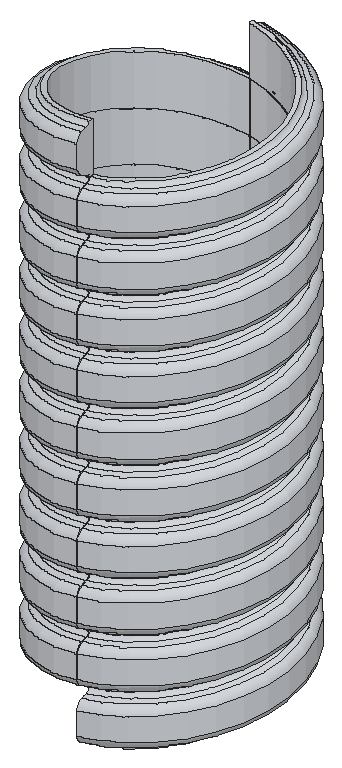
Revit family "110611-00014 Муфта соединительная резьбовая ССД-Пайп 63 мм", category Обобщенные модели, Revit 2019
Family settings
  Может служить основой для арматурных стержней = Нет
  Размер круглого соединителя = Использовать диаметр
  Тип детали = Нормальный
  На основе рабочей плоскости = Нет
  Всегда вертикально = Да
  При загрузке вырезать с полостями = Нет
  Общий = Нет
  Точка расчета площади = Нет
Parameters (values of type "Муфта соединительная резьбовая ССД-Пайп 63 мм")
  Сертификат соответствия = "https://www.ssd.ru/upload/iblock/135/dg0dveb2bt5742u03x0awkefi1rhom8y/ssoot_1302705.pdf"
  Материал = "ПНД"
  Масса бухты, кг = "0,07"
  Тип соединения = "Резьбовое"
  ADSK_Ссылка на сайт = "https://www.ssd.ru/mufta-soedinitelnaya-rezbovaya-ssd-payp-63-mm"
  ADSK_Наименование = "Муфта соединительная резьбовая ССД-Пайп 63 мм"
  ADSK_Марка = "ССД-Пайп"
  ADSK_Код изделия = "110611-00014"
  ADSK_Изготовитель = "АО \"СВЯЗЬСТРОЙДЕТАЛЬ\""
  ADSK_Диаметр наружный = 70 mm
  ADSK_Диаметр внутренний = 57.8 mm
Reference planes
  plane 1 "По центру (Вперед/Назад)": y = 0
  plane 2: z = 0
  plane 3 "По центру (Влево/Вправо)": x = 0
  plane 4: x = -35
  plane 5: x = 35
  plane 6: y = 35
  plane 7: y = -35
  plane 8: x = -28.9
  plane 9: x = 28.9
  plane 10: y = 28.9
  plane 11: y = -28.9
Forms (mm)
  SweptBlend 1, solid
    path origin (0, 0, -103.095) x (0, 1, 0) y (-1, 0, 0)
      loop
        arc (25.5, 0) -> (0, 25.5) -> (-25.5, 0) r 25.5
    profile origin (0, 25.5, -103.095) x (0, -1, 0) y (0, 0, 1)
      loop
        line (-5.827, 43.205) -> (-7.502, 42.595)
        arc (-7.502, 42.595) -> (-8.769, 41.748) -> (-9.5, 40.412) r 3.2
        line (-9.5, 40.412) -> (-9.5, 33.442)
        arc (-9.5, 33.442) -> (-8.769, 32.105) -> (-7.502, 31.259) r 3.2
        line (-7.502, 31.259) -> (-5.827, 30.649)
        arc (-5.827, 30.649) -> (-5.117, 30.175) -> (-4.705, 29.427) r 1.8
        line (-4.705, 29.427) -> (-3.4, 29.427) -> (-3.4, 44.427) -> (-4.705, 44.427)
        arc (-4.705, 44.427) -> (-5.117, 43.679) -> (-5.827, 43.205) r 1.8
    end profile origin (0, -25.5, -103.095) x (0, 1, 0) y (0, 0, 1)
      loop
        line (-5.827, 58.205) -> (-7.502, 57.595)
        arc (-7.502, 57.595) -> (-8.769, 56.748) -> (-9.5, 55.412) r 3.2
        line (-9.5, 55.412) -> (-9.5, 48.442)
        arc (-9.5, 48.442) -> (-8.769, 47.105) -> (-7.502, 46.259) r 3.2
        line (-7.502, 46.259) -> (-5.827, 45.649)
        arc (-5.827, 45.649) -> (-5.117, 45.175) -> (-4.705, 44.427) r 1.8
        line (-4.705, 44.427) -> (-3.4, 44.427) -> (-3.4, 59.427) -> (-4.705, 59.427)
        arc (-4.705, 59.427) -> (-5.117, 58.679) -> (-5.827, 58.205) r 1.8
  SweptBlend 2, solid
    path origin (0, 0, -103.095) x (0, -1, 0) y (1, 0, 0)
      loop
        arc (25.5, 0) -> (0, 25.5) -> (-25.5, 0) r 25.5
    profile origin (0, -25.5, -103.095) x (0, 1, 0) y (0, 0, 1)
      loop
        line (-5.827, 43.205) -> (-7.502, 42.595)
        arc (-7.502, 42.595) -> (-8.769, 41.748) -> (-9.5, 40.412) r 3.2
        line (-9.5, 40.412) -> (-9.5, 33.442)
        arc (-9.5, 33.442) -> (-8.769, 32.105) -> (-7.502, 31.259) r 3.2
        line (-7.502, 31.259) -> (-5.827, 30.649)
        arc (-5.827, 30.649) -> (-5.117, 30.175) -> (-4.705, 29.427) r 1.8
        line (-4.705, 29.427) -> (-3.4, 29.427) -> (-3.4, 44.427) -> (-4.705, 44.427)
        arc (-4.705, 44.427) -> (-5.117, 43.679) -> (-5.827, 43.205) r 1.8
    end profile origin (0, 25.5, -103.095) x (0, -1, 0) y (0, 0, 1)
      loop
        line (-5.827, 58.205) -> (-7.502, 57.595)
        arc (-7.502, 57.595) -> (-8.769, 56.748) -> (-9.5, 55.412) r 3.2
        line (-9.5, 55.412) -> (-9.5, 48.442)
        arc (-9.5, 48.442) -> (-8.769, 47.105) -> (-7.502, 46.259) r 3.2
        line (-7.502, 46.259) -> (-5.827, 45.649)
        arc (-5.827, 45.649) -> (-5.117, 45.175) -> (-4.705, 44.427) r 1.8
        line (-4.705, 44.427) -> (-3.4, 44.427) -> (-3.4, 59.427) -> (-4.705, 59.427)
        arc (-4.705, 59.427) -> (-5.117, 58.679) -> (-5.827, 58.205) r 1.8
  SweptBlend 3, solid, not visible
    path origin (0, 0, 63.929) x (0, 1, 0) y (-1, 0, 0)
      loop
        arc (25.5, 0) -> (0, 25.5) -> (-25.5, 0) r 25.5
    profile origin (0, 25.5, 63.929) x (0, -1, 0) y (0, 0, 1)
      loop
        line (-5.827, 43.205) -> (-7.502, 42.595)
        arc (-7.502, 42.595) -> (-8.769, 41.748) -> (-9.5, 40.412) r 3.2
        line (-9.5, 40.412) -> (-9.5, 33.442)
        arc (-9.5, 33.442) -> (-8.769, 32.105) -> (-7.502, 31.259) r 3.2
        line (-7.502, 31.259) -> (-5.827, 30.649)
        arc (-5.827, 30.649) -> (-5.117, 30.175) -> (-4.705, 29.427) r 1.8
        line (-4.705, 29.427) -> (-3.4, 29.427) -> (-3.4, 44.427) -> (-4.705, 44.427)
        arc (-4.705, 44.427) -> (-5.117, 43.679) -> (-5.827, 43.205) r 1.8
    end profile origin (0, -25.5, 63.929) x (0, 1, 0) y (0, 0, 1)
      loop
        line (-5.827, 58.205) -> (-7.502, 57.595)
        arc (-7.502, 57.595) -> (-8.769, 56.748) -> (-9.5, 55.412) r 3.2
        line (-9.5, 55.412) -> (-9.5, 48.442)
        arc (-9.5, 48.442) -> (-8.769, 47.105) -> (-7.502, 46.259) r 3.2
        line (-7.502, 46.259) -> (-5.827, 45.649)
        arc (-5.827, 45.649) -> (-5.117, 45.175) -> (-4.705, 44.427) r 1.8
        line (-4.705, 44.427) -> (-3.4, 44.427) -> (-3.4, 59.427) -> (-4.705, 59.427)
        arc (-4.705, 59.427) -> (-5.117, 58.679) -> (-5.827, 58.205) r 1.8
  SweptBlend 4, solid, not visible
    path origin (0, 0, 63.929) x (0, -1, 0) y (1, 0, 0)
      loop
        arc (25.5, 0) -> (0, 25.5) -> (-25.5, 0) r 25.5
    profile origin (0, -25.5, 63.929) x (0, 1, 0) y (0, 0, 1)
      loop
        line (-5.827, 43.205) -> (-7.502, 42.595)
        arc (-7.502, 42.595) -> (-8.769, 41.748) -> (-9.5, 40.412) r 3.2
        line (-9.5, 40.412) -> (-9.5, 33.442)
        arc (-9.5, 33.442) -> (-8.769, 32.105) -> (-7.502, 31.259) r 3.2
        line (-7.502, 31.259) -> (-5.827, 30.649)
        arc (-5.827, 30.649) -> (-5.117, 30.175) -> (-4.705, 29.427) r 1.8
        line (-4.705, 29.427) -> (-3.4, 29.427) -> (-3.4, 44.427) -> (-4.705, 44.427)
        arc (-4.705, 44.427) -> (-5.117, 43.679) -> (-5.827, 43.205) r 1.8
    end profile origin (0, 25.5, 63.929) x (0, -1, 0) y (0, 0, 1)
      loop
        line (-5.827, 58.205) -> (-7.502, 57.595)
        arc (-7.502, 57.595) -> (-8.769, 56.748) -> (-9.5, 55.412) r 3.2
        line (-9.5, 55.412) -> (-9.5, 48.442)
        arc (-9.5, 48.442) -> (-8.769, 47.105) -> (-7.502, 46.259) r 3.2
        line (-7.502, 46.259) -> (-5.827, 45.649)
        arc (-5.827, 45.649) -> (-5.117, 45.175) -> (-4.705, 44.427) r 1.8
        line (-4.705, 44.427) -> (-3.4, 44.427) -> (-3.4, 59.427) -> (-4.705, 59.427)
        arc (-4.705, 59.427) -> (-5.117, 58.679) -> (-5.827, 58.205) r 1.8
  SweptBlend 5, solid
    path origin (0, 0, -88.095) x (0, 1, 0) y (-1, 0, 0)
      loop
        arc (25.5, 0) -> (0, 25.5) -> (-25.5, 0) r 25.5
    profile origin (0, 25.5, -88.095) x (0, -1, 0) y (0, 0, 1)
      loop
        line (-5.827, 43.205) -> (-7.502, 42.595)
        arc (-7.502, 42.595) -> (-8.769, 41.748) -> (-9.5, 40.412) r 3.2
        line (-9.5, 40.412) -> (-9.5, 33.442)
        arc (-9.5, 33.442) -> (-8.769, 32.105) -> (-7.502, 31.259) r 3.2
        line (-7.502, 31.259) -> (-5.827, 30.649)
        arc (-5.827, 30.649) -> (-5.117, 30.175) -> (-4.705, 29.427) r 1.8
        line (-4.705, 29.427) -> (-3.4, 29.427) -> (-3.4, 44.427) -> (-4.705, 44.427)
        arc (-4.705, 44.427) -> (-5.117, 43.679) -> (-5.827, 43.205) r 1.8
    end profile origin (0, -25.5, -88.095) x (0, 1, 0) y (0, 0, 1)
      loop
        line (-5.827, 58.205) -> (-7.502, 57.595)
        arc (-7.502, 57.595) -> (-8.769, 56.748) -> (-9.5, 55.412) r 3.2
        line (-9.5, 55.412) -> (-9.5, 48.442)
        arc (-9.5, 48.442) -> (-8.769, 47.105) -> (-7.502, 46.259) r 3.2
        line (-7.502, 46.259) -> (-5.827, 45.649)
        arc (-5.827, 45.649) -> (-5.117, 45.175) -> (-4.705, 44.427) r 1.8
        line (-4.705, 44.427) -> (-3.4, 44.427) -> (-3.4, 59.427) -> (-4.705, 59.427)
        arc (-4.705, 59.427) -> (-5.117, 58.679) -> (-5.827, 58.205) r 1.8
  SweptBlend 6, solid
    path origin (0, 0, -88.095) x (0, -1, 0) y (1, 0, 0)
      loop
        arc (25.5, 0) -> (0, 25.5) -> (-25.5, 0) r 25.5
    profile origin (0, -25.5, -88.095) x (0, 1, 0) y (0, 0, 1)
      loop
        line (-5.827, 43.205) -> (-7.502, 42.595)
        arc (-7.502, 42.595) -> (-8.769, 41.748) -> (-9.5, 40.412) r 3.2
        line (-9.5, 40.412) -> (-9.5, 33.442)
        arc (-9.5, 33.442) -> (-8.769, 32.105) -> (-7.502, 31.259) r 3.2
        line (-7.502, 31.259) -> (-5.827, 30.649)
        arc (-5.827, 30.649) -> (-5.117, 30.175) -> (-4.705, 29.427) r 1.8
        line (-4.705, 29.427) -> (-3.4, 29.427) -> (-3.4, 44.427) -> (-4.705, 44.427)
        arc (-4.705, 44.427) -> (-5.117, 43.679) -> (-5.827, 43.205) r 1.8
    end profile origin (0, 25.5, -88.095) x (0, -1, 0) y (0, 0, 1)
      loop
        line (-5.827, 58.205) -> (-7.502, 57.595)
        arc (-7.502, 57.595) -> (-8.769, 56.748) -> (-9.5, 55.412) r 3.2
        line (-9.5, 55.412) -> (-9.5, 48.442)
        arc (-9.5, 48.442) -> (-8.769, 47.105) -> (-7.502, 46.259) r 3.2
        line (-7.502, 46.259) -> (-5.827, 45.649)
        arc (-5.827, 45.649) -> (-5.117, 45.175) -> (-4.705, 44.427) r 1.8
        line (-4.705, 44.427) -> (-3.4, 44.427) -> (-3.4, 59.427) -> (-4.705, 59.427)
        arc (-4.705, 59.427) -> (-5.117, 58.679) -> (-5.827, 58.205) r 1.8
  SweptBlend 7, solid
    path origin (0, 0, -73.095) x (0, 1, 0) y (-1, 0, 0)
      loop
        arc (25.5, 0) -> (0, 25.5) -> (-25.5, 0) r 25.5
    profile origin (0, 25.5, -73.095) x (0, -1, 0) y (0, 0, 1)
      loop
        line (-5.827, 43.205) -> (-7.502, 42.595)
        arc (-7.502, 42.595) -> (-8.769, 41.748) -> (-9.5, 40.412) r 3.2
        line (-9.5, 40.412) -> (-9.5, 33.442)
        arc (-9.5, 33.442) -> (-8.769, 32.105) -> (-7.502, 31.259) r 3.2
        line (-7.502, 31.259) -> (-5.827, 30.649)
        arc (-5.827, 30.649) -> (-5.117, 30.175) -> (-4.705, 29.427) r 1.8
        line (-4.705, 29.427) -> (-3.4, 29.427) -> (-3.4, 44.427) -> (-4.705, 44.427)
        arc (-4.705, 44.427) -> (-5.117, 43.679) -> (-5.827, 43.205) r 1.8
    end profile origin (0, -25.5, -73.095) x (0, 1, 0) y (0, 0, 1)
      loop
        line (-5.827, 58.205) -> (-7.502, 57.595)
        arc (-7.502, 57.595) -> (-8.769, 56.748) -> (-9.5, 55.412) r 3.2
        line (-9.5, 55.412) -> (-9.5, 48.442)
        arc (-9.5, 48.442) -> (-8.769, 47.105) -> (-7.502, 46.259) r 3.2
        line (-7.502, 46.259) -> (-5.827, 45.649)
        arc (-5.827, 45.649) -> (-5.117, 45.175) -> (-4.705, 44.427) r 1.8
        line (-4.705, 44.427) -> (-3.4, 44.427) -> (-3.4, 59.427) -> (-4.705, 59.427)
        arc (-4.705, 59.427) -> (-5.117, 58.679) -> (-5.827, 58.205) r 1.8
  SweptBlend 8, solid
    path origin (0, 0, -73.095) x (0, -1, 0) y (1, 0, 0)
      loop
        arc (25.5, 0) -> (0, 25.5) -> (-25.5, 0) r 25.5
    profile origin (0, -25.5, -73.095) x (0, 1, 0) y (0, 0, 1)
      loop
        line (-5.827, 43.205) -> (-7.502, 42.595)
        arc (-7.502, 42.595) -> (-8.769, 41.748) -> (-9.5, 40.412) r 3.2
        line (-9.5, 40.412) -> (-9.5, 33.442)
        arc (-9.5, 33.442) -> (-8.769, 32.105) -> (-7.502, 31.259) r 3.2
        line (-7.502, 31.259) -> (-5.827, 30.649)
        arc (-5.827, 30.649) -> (-5.117, 30.175) -> (-4.705, 29.427) r 1.8
        line (-4.705, 29.427) -> (-3.4, 29.427) -> (-3.4, 44.427) -> (-4.705, 44.427)
        arc (-4.705, 44.427) -> (-5.117, 43.679) -> (-5.827, 43.205) r 1.8
    end profile origin (0, 25.5, -73.095) x (0, -1, 0) y (0, 0, 1)
      loop
        line (-5.827, 58.205) -> (-7.502, 57.595)
        arc (-7.502, 57.595) -> (-8.769, 56.748) -> (-9.5, 55.412) r 3.2
        line (-9.5, 55.412) -> (-9.5, 48.442)
        arc (-9.5, 48.442) -> (-8.769, 47.105) -> (-7.502, 46.259) r 3.2
        line (-7.502, 46.259) -> (-5.827, 45.649)
        arc (-5.827, 45.649) -> (-5.117, 45.175) -> (-4.705, 44.427) r 1.8
        line (-4.705, 44.427) -> (-3.4, 44.427) -> (-3.4, 59.427) -> (-4.705, 59.427)
        arc (-4.705, 59.427) -> (-5.117, 58.679) -> (-5.827, 58.205) r 1.8
  SweptBlend 9, solid
    path origin (0, 0, -58.095) x (0, 1, 0) y (-1, 0, 0)
      loop
        arc (25.5, 0) -> (0, 25.5) -> (-25.5, 0) r 25.5
    profile origin (0, 25.5, -58.095) x (0, -1, 0) y (0, 0, 1)
      loop
        line (-5.827, 43.205) -> (-7.502, 42.595)
        arc (-7.502, 42.595) -> (-8.769, 41.748) -> (-9.5, 40.412) r 3.2
        line (-9.5, 40.412) -> (-9.5, 33.442)
        arc (-9.5, 33.442) -> (-8.769, 32.105) -> (-7.502, 31.259) r 3.2
        line (-7.502, 31.259) -> (-5.827, 30.649)
        arc (-5.827, 30.649) -> (-5.117, 30.175) -> (-4.705, 29.427) r 1.8
        line (-4.705, 29.427) -> (-3.4, 29.427) -> (-3.4, 44.427) -> (-4.705, 44.427)
        arc (-4.705, 44.427) -> (-5.117, 43.679) -> (-5.827, 43.205) r 1.8
    end profile origin (0, -25.5, -58.095) x (0, 1, 0) y (0, 0, 1)
      loop
        line (-5.827, 58.205) -> (-7.502, 57.595)
        arc (-7.502, 57.595) -> (-8.769, 56.748) -> (-9.5, 55.412) r 3.2
        line (-9.5, 55.412) -> (-9.5, 48.442)
        arc (-9.5, 48.442) -> (-8.769, 47.105) -> (-7.502, 46.259) r 3.2
        line (-7.502, 46.259) -> (-5.827, 45.649)
        arc (-5.827, 45.649) -> (-5.117, 45.175) -> (-4.705, 44.427) r 1.8
        line (-4.705, 44.427) -> (-3.4, 44.427) -> (-3.4, 59.427) -> (-4.705, 59.427)
        arc (-4.705, 59.427) -> (-5.117, 58.679) -> (-5.827, 58.205) r 1.8
  SweptBlend 10, solid
    path origin (0, 0, -58.095) x (0, -1, 0) y (1, 0, 0)
      loop
        arc (25.5, 0) -> (0, 25.5) -> (-25.5, 0) r 25.5
    profile origin (0, -25.5, -58.095) x (0, 1, 0) y (0, 0, 1)
      loop
        line (-5.827, 43.205) -> (-7.502, 42.595)
        arc (-7.502, 42.595) -> (-8.769, 41.748) -> (-9.5, 40.412) r 3.2
        line (-9.5, 40.412) -> (-9.5, 33.442)
        arc (-9.5, 33.442) -> (-8.769, 32.105) -> (-7.502, 31.259) r 3.2
        line (-7.502, 31.259) -> (-5.827, 30.649)
        arc (-5.827, 30.649) -> (-5.117, 30.175) -> (-4.705, 29.427) r 1.8
        line (-4.705, 29.427) -> (-3.4, 29.427) -> (-3.4, 44.427) -> (-4.705, 44.427)
        arc (-4.705, 44.427) -> (-5.117, 43.679) -> (-5.827, 43.205) r 1.8
    end profile origin (0, 25.5, -58.095) x (0, -1, 0) y (0, 0, 1)
      loop
        line (-5.827, 58.205) -> (-7.502, 57.595)
        arc (-7.502, 57.595) -> (-8.769, 56.748) -> (-9.5, 55.412) r 3.2
        line (-9.5, 55.412) -> (-9.5, 48.442)
        arc (-9.5, 48.442) -> (-8.769, 47.105) -> (-7.502, 46.259) r 3.2
        line (-7.502, 46.259) -> (-5.827, 45.649)
        arc (-5.827, 45.649) -> (-5.117, 45.175) -> (-4.705, 44.427) r 1.8
        line (-4.705, 44.427) -> (-3.4, 44.427) -> (-3.4, 59.427) -> (-4.705, 59.427)
        arc (-4.705, 59.427) -> (-5.117, 58.679) -> (-5.827, 58.205) r 1.8
  SweptBlend 11, solid
    path origin (0, 0, -43.095) x (0, 1, 0) y (-1, 0, 0)
      loop
        arc (25.5, 0) -> (0, 25.5) -> (-25.5, 0) r 25.5
    profile origin (0, 25.5, -43.095) x (0, -1, 0) y (0, 0, 1)
      loop
        line (-5.827, 43.205) -> (-7.502, 42.595)
        arc (-7.502, 42.595) -> (-8.769, 41.748) -> (-9.5, 40.412) r 3.2
        line (-9.5, 40.412) -> (-9.5, 33.442)
        arc (-9.5, 33.442) -> (-8.769, 32.105) -> (-7.502, 31.259) r 3.2
        line (-7.502, 31.259) -> (-5.827, 30.649)
        arc (-5.827, 30.649) -> (-5.117, 30.175) -> (-4.705, 29.427) r 1.8
        line (-4.705, 29.427) -> (-3.4, 29.427) -> (-3.4, 44.427) -> (-4.705, 44.427)
        arc (-4.705, 44.427) -> (-5.117, 43.679) -> (-5.827, 43.205) r 1.8
    end profile origin (0, -25.5, -43.095) x (0, 1, 0) y (0, 0, 1)
      loop
        line (-5.827, 58.205) -> (-7.502, 57.595)
        arc (-7.502, 57.595) -> (-8.769, 56.748) -> (-9.5, 55.412) r 3.2
        line (-9.5, 55.412) -> (-9.5, 48.442)
        arc (-9.5, 48.442) -> (-8.769, 47.105) -> (-7.502, 46.259) r 3.2
        line (-7.502, 46.259) -> (-5.827, 45.649)
        arc (-5.827, 45.649) -> (-5.117, 45.175) -> (-4.705, 44.427) r 1.8
        line (-4.705, 44.427) -> (-3.4, 44.427) -> (-3.4, 59.427) -> (-4.705, 59.427)
        arc (-4.705, 59.427) -> (-5.117, 58.679) -> (-5.827, 58.205) r 1.8
  SweptBlend 12, solid
    path origin (0, 0, -43.095) x (0, -1, 0) y (1, 0, 0)
      loop
        arc (25.5, 0) -> (0, 25.5) -> (-25.5, 0) r 25.5
    profile origin (0, -25.5, -43.095) x (0, 1, 0) y (0, 0, 1)
      loop
        line (-5.827, 43.205) -> (-7.502, 42.595)
        arc (-7.502, 42.595) -> (-8.769, 41.748) -> (-9.5, 40.412) r 3.2
        line (-9.5, 40.412) -> (-9.5, 33.442)
        arc (-9.5, 33.442) -> (-8.769, 32.105) -> (-7.502, 31.259) r 3.2
        line (-7.502, 31.259) -> (-5.827, 30.649)
        arc (-5.827, 30.649) -> (-5.117, 30.175) -> (-4.705, 29.427) r 1.8
        line (-4.705, 29.427) -> (-3.4, 29.427) -> (-3.4, 44.427) -> (-4.705, 44.427)
        arc (-4.705, 44.427) -> (-5.117, 43.679) -> (-5.827, 43.205) r 1.8
    end profile origin (0, 25.5, -43.095) x (0, -1, 0) y (0, 0, 1)
      loop
        line (-5.827, 58.205) -> (-7.502, 57.595)
        arc (-7.502, 57.595) -> (-8.769, 56.748) -> (-9.5, 55.412) r 3.2
        line (-9.5, 55.412) -> (-9.5, 48.442)
        arc (-9.5, 48.442) -> (-8.769, 47.105) -> (-7.502, 46.259) r 3.2
        line (-7.502, 46.259) -> (-5.827, 45.649)
        arc (-5.827, 45.649) -> (-5.117, 45.175) -> (-4.705, 44.427) r 1.8
        line (-4.705, 44.427) -> (-3.4, 44.427) -> (-3.4, 59.427) -> (-4.705, 59.427)
        arc (-4.705, 59.427) -> (-5.117, 58.679) -> (-5.827, 58.205) r 1.8
  SweptBlend 13, solid
    path origin (0, 0, -28.095) x (0, 1, 0) y (-1, 0, 0)
      loop
        arc (25.5, 0) -> (0, 25.5) -> (-25.5, 0) r 25.5
    profile origin (0, 25.5, -28.095) x (0, -1, 0) y (0, 0, 1)
      loop
        line (-5.827, 43.205) -> (-7.502, 42.595)
        arc (-7.502, 42.595) -> (-8.769, 41.748) -> (-9.5, 40.412) r 3.2
        line (-9.5, 40.412) -> (-9.5, 33.442)
        arc (-9.5, 33.442) -> (-8.769, 32.105) -> (-7.502, 31.259) r 3.2
        line (-7.502, 31.259) -> (-5.827, 30.649)
        arc (-5.827, 30.649) -> (-5.117, 30.175) -> (-4.705, 29.427) r 1.8
        line (-4.705, 29.427) -> (-3.4, 29.427) -> (-3.4, 44.427) -> (-4.705, 44.427)
        arc (-4.705, 44.427) -> (-5.117, 43.679) -> (-5.827, 43.205) r 1.8
    end profile origin (0, -25.5, -28.095) x (0, 1, 0) y (0, 0, 1)
      loop
        line (-5.827, 58.205) -> (-7.502, 57.595)
        arc (-7.502, 57.595) -> (-8.769, 56.748) -> (-9.5, 55.412) r 3.2
        line (-9.5, 55.412) -> (-9.5, 48.442)
        arc (-9.5, 48.442) -> (-8.769, 47.105) -> (-7.502, 46.259) r 3.2
        line (-7.502, 46.259) -> (-5.827, 45.649)
        arc (-5.827, 45.649) -> (-5.117, 45.175) -> (-4.705, 44.427) r 1.8
        line (-4.705, 44.427) -> (-3.4, 44.427) -> (-3.4, 59.427) -> (-4.705, 59.427)
        arc (-4.705, 59.427) -> (-5.117, 58.679) -> (-5.827, 58.205) r 1.8
  SweptBlend 14, solid
    path origin (0, 0, -28.095) x (0, -1, 0) y (1, 0, 0)
      loop
        arc (25.5, 0) -> (0, 25.5) -> (-25.5, 0) r 25.5
    profile origin (0, -25.5, -28.095) x (0, 1, 0) y (0, 0, 1)
      loop
        line (-5.827, 43.205) -> (-7.502, 42.595)
        arc (-7.502, 42.595) -> (-8.769, 41.748) -> (-9.5, 40.412) r 3.2
        line (-9.5, 40.412) -> (-9.5, 33.442)
        arc (-9.5, 33.442) -> (-8.769, 32.105) -> (-7.502, 31.259) r 3.2
        line (-7.502, 31.259) -> (-5.827, 30.649)
        arc (-5.827, 30.649) -> (-5.117, 30.175) -> (-4.705, 29.427) r 1.8
        line (-4.705, 29.427) -> (-3.4, 29.427) -> (-3.4, 44.427) -> (-4.705, 44.427)
        arc (-4.705, 44.427) -> (-5.117, 43.679) -> (-5.827, 43.205) r 1.8
    end profile origin (0, 25.5, -28.095) x (0, -1, 0) y (0, 0, 1)
      loop
        line (-5.827, 58.205) -> (-7.502, 57.595)
        arc (-7.502, 57.595) -> (-8.769, 56.748) -> (-9.5, 55.412) r 3.2
        line (-9.5, 55.412) -> (-9.5, 48.442)
        arc (-9.5, 48.442) -> (-8.769, 47.105) -> (-7.502, 46.259) r 3.2
        line (-7.502, 46.259) -> (-5.827, 45.649)
        arc (-5.827, 45.649) -> (-5.117, 45.175) -> (-4.705, 44.427) r 1.8
        line (-4.705, 44.427) -> (-3.4, 44.427) -> (-3.4, 59.427) -> (-4.705, 59.427)
        arc (-4.705, 59.427) -> (-5.117, 58.679) -> (-5.827, 58.205) r 1.8
  SweptBlend 15, solid
    path origin (0, 0, -13.095) x (0, 1, 0) y (-1, 0, 0)
      loop
        arc (25.5, 0) -> (0, 25.5) -> (-25.5, 0) r 25.5
    profile origin (0, 25.5, -13.095) x (0, -1, 0) y (0, 0, 1)
      loop
        line (-5.827, 43.205) -> (-7.502, 42.595)
        arc (-7.502, 42.595) -> (-8.769, 41.748) -> (-9.5, 40.412) r 3.2
        line (-9.5, 40.412) -> (-9.5, 33.442)
        arc (-9.5, 33.442) -> (-8.769, 32.105) -> (-7.502, 31.259) r 3.2
        line (-7.502, 31.259) -> (-5.827, 30.649)
        arc (-5.827, 30.649) -> (-5.117, 30.175) -> (-4.705, 29.427) r 1.8
        line (-4.705, 29.427) -> (-3.4, 29.427) -> (-3.4, 44.427) -> (-4.705, 44.427)
        arc (-4.705, 44.427) -> (-5.117, 43.679) -> (-5.827, 43.205) r 1.8
    end profile origin (0, -25.5, -13.095) x (0, 1, 0) y (0, 0, 1)
      loop
        line (-5.827, 58.205) -> (-7.502, 57.595)
        arc (-7.502, 57.595) -> (-8.769, 56.748) -> (-9.5, 55.412) r 3.2
        line (-9.5, 55.412) -> (-9.5, 48.442)
        arc (-9.5, 48.442) -> (-8.769, 47.105) -> (-7.502, 46.259) r 3.2
        line (-7.502, 46.259) -> (-5.827, 45.649)
        arc (-5.827, 45.649) -> (-5.117, 45.175) -> (-4.705, 44.427) r 1.8
        line (-4.705, 44.427) -> (-3.4, 44.427) -> (-3.4, 59.427) -> (-4.705, 59.427)
        arc (-4.705, 59.427) -> (-5.117, 58.679) -> (-5.827, 58.205) r 1.8
  SweptBlend 16, solid
    path origin (0, 0, -13.095) x (0, -1, 0) y (1, 0, 0)
      loop
        arc (25.5, 0) -> (0, 25.5) -> (-25.5, 0) r 25.5
    profile origin (0, -25.5, -13.095) x (0, 1, 0) y (0, 0, 1)
      loop
        line (-5.827, 43.205) -> (-7.502, 42.595)
        arc (-7.502, 42.595) -> (-8.769, 41.748) -> (-9.5, 40.412) r 3.2
        line (-9.5, 40.412) -> (-9.5, 33.442)
        arc (-9.5, 33.442) -> (-8.769, 32.105) -> (-7.502, 31.259) r 3.2
        line (-7.502, 31.259) -> (-5.827, 30.649)
        arc (-5.827, 30.649) -> (-5.117, 30.175) -> (-4.705, 29.427) r 1.8
        line (-4.705, 29.427) -> (-3.4, 29.427) -> (-3.4, 44.427) -> (-4.705, 44.427)
        arc (-4.705, 44.427) -> (-5.117, 43.679) -> (-5.827, 43.205) r 1.8
    end profile origin (0, 25.5, -13.095) x (0, -1, 0) y (0, 0, 1)
      loop
        line (-5.827, 58.205) -> (-7.502, 57.595)
        arc (-7.502, 57.595) -> (-8.769, 56.748) -> (-9.5, 55.412) r 3.2
        line (-9.5, 55.412) -> (-9.5, 48.442)
        arc (-9.5, 48.442) -> (-8.769, 47.105) -> (-7.502, 46.259) r 3.2
        line (-7.502, 46.259) -> (-5.827, 45.649)
        arc (-5.827, 45.649) -> (-5.117, 45.175) -> (-4.705, 44.427) r 1.8
        line (-4.705, 44.427) -> (-3.4, 44.427) -> (-3.4, 59.427) -> (-4.705, 59.427)
        arc (-4.705, 59.427) -> (-5.117, 58.679) -> (-5.827, 58.205) r 1.8
  SweptBlend 17, solid
    path origin (0, 0, 1.905) x (0, 1, 0) y (-1, 0, 0)
      loop
        arc (25.5, 0) -> (0, 25.5) -> (-25.5, 0) r 25.5
    profile origin (0, 25.5, 1.905) x (0, -1, 0) y (0, 0, 1)
      loop
        line (-5.827, 43.205) -> (-7.502, 42.595)
        arc (-7.502, 42.595) -> (-8.769, 41.748) -> (-9.5, 40.412) r 3.2
        line (-9.5, 40.412) -> (-9.5, 33.442)
        arc (-9.5, 33.442) -> (-8.769, 32.105) -> (-7.502, 31.259) r 3.2
        line (-7.502, 31.259) -> (-5.827, 30.649)
        arc (-5.827, 30.649) -> (-5.117, 30.175) -> (-4.705, 29.427) r 1.8
        line (-4.705, 29.427) -> (-3.4, 29.427) -> (-3.4, 44.427) -> (-4.705, 44.427)
        arc (-4.705, 44.427) -> (-5.117, 43.679) -> (-5.827, 43.205) r 1.8
    end profile origin (0, -25.5, 1.905) x (0, 1, 0) y (0, 0, 1)
      loop
        line (-5.827, 58.205) -> (-7.502, 57.595)
        arc (-7.502, 57.595) -> (-8.769, 56.748) -> (-9.5, 55.412) r 3.2
        line (-9.5, 55.412) -> (-9.5, 48.442)
        arc (-9.5, 48.442) -> (-8.769, 47.105) -> (-7.502, 46.259) r 3.2
        line (-7.502, 46.259) -> (-5.827, 45.649)
        arc (-5.827, 45.649) -> (-5.117, 45.175) -> (-4.705, 44.427) r 1.8
        line (-4.705, 44.427) -> (-3.4, 44.427) -> (-3.4, 59.427) -> (-4.705, 59.427)
        arc (-4.705, 59.427) -> (-5.117, 58.679) -> (-5.827, 58.205) r 1.8
  SweptBlend 18, solid
    path origin (0, 0, 1.905) x (0, -1, 0) y (1, 0, 0)
      loop
        arc (25.5, 0) -> (0, 25.5) -> (-25.5, 0) r 25.5
    profile origin (0, -25.5, 1.905) x (0, 1, 0) y (0, 0, 1)
      loop
        line (-5.827, 43.205) -> (-7.502, 42.595)
        arc (-7.502, 42.595) -> (-8.769, 41.748) -> (-9.5, 40.412) r 3.2
        line (-9.5, 40.412) -> (-9.5, 33.442)
        arc (-9.5, 33.442) -> (-8.769, 32.105) -> (-7.502, 31.259) r 3.2
        line (-7.502, 31.259) -> (-5.827, 30.649)
        arc (-5.827, 30.649) -> (-5.117, 30.175) -> (-4.705, 29.427) r 1.8
        line (-4.705, 29.427) -> (-3.4, 29.427) -> (-3.4, 44.427) -> (-4.705, 44.427)
        arc (-4.705, 44.427) -> (-5.117, 43.679) -> (-5.827, 43.205) r 1.8
    end profile origin (0, 25.5, 1.905) x (0, -1, 0) y (0, 0, 1)
      loop
        line (-5.827, 58.205) -> (-7.502, 57.595)
        arc (-7.502, 57.595) -> (-8.769, 56.748) -> (-9.5, 55.412) r 3.2
        line (-9.5, 55.412) -> (-9.5, 48.442)
        arc (-9.5, 48.442) -> (-8.769, 47.105) -> (-7.502, 46.259) r 3.2
        line (-7.502, 46.259) -> (-5.827, 45.649)
        arc (-5.827, 45.649) -> (-5.117, 45.175) -> (-4.705, 44.427) r 1.8
        line (-4.705, 44.427) -> (-3.4, 44.427) -> (-3.4, 59.427) -> (-4.705, 59.427)
        arc (-4.705, 59.427) -> (-5.117, 58.679) -> (-5.827, 58.205) r 1.8
  SweptBlend 19, solid
    path origin (0, 0, 16.905) x (0, 1, 0) y (-1, 0, 0)
      loop
        arc (25.5, 0) -> (0, 25.5) -> (-25.5, 0) r 25.5
    profile origin (0, 25.5, 16.905) x (0, -1, 0) y (0, 0, 1)
      loop
        line (-5.827, 43.205) -> (-7.502, 42.595)
        arc (-7.502, 42.595) -> (-8.769, 41.748) -> (-9.5, 40.412) r 3.2
        line (-9.5, 40.412) -> (-9.5, 33.442)
        arc (-9.5, 33.442) -> (-8.769, 32.105) -> (-7.502, 31.259) r 3.2
        line (-7.502, 31.259) -> (-5.827, 30.649)
        arc (-5.827, 30.649) -> (-5.117, 30.175) -> (-4.705, 29.427) r 1.8
        line (-4.705, 29.427) -> (-3.4, 29.427) -> (-3.4, 44.427) -> (-4.705, 44.427)
        arc (-4.705, 44.427) -> (-5.117, 43.679) -> (-5.827, 43.205) r 1.8
    end profile origin (0, -25.5, 16.905) x (0, 1, 0) y (0, 0, 1)
      loop
        line (-5.827, 58.205) -> (-7.502, 57.595)
        arc (-7.502, 57.595) -> (-8.769, 56.748) -> (-9.5, 55.412) r 3.2
        line (-9.5, 55.412) -> (-9.5, 48.442)
        arc (-9.5, 48.442) -> (-8.769, 47.105) -> (-7.502, 46.259) r 3.2
        line (-7.502, 46.259) -> (-5.827, 45.649)
        arc (-5.827, 45.649) -> (-5.117, 45.175) -> (-4.705, 44.427) r 1.8
        line (-4.705, 44.427) -> (-3.4, 44.427) -> (-3.4, 59.427) -> (-4.705, 59.427)
        arc (-4.705, 59.427) -> (-5.117, 58.679) -> (-5.827, 58.205) r 1.8
  SweptBlend 20, solid
    path origin (0, 0, 16.905) x (0, -1, 0) y (1, 0, 0)
      loop
        arc (25.5, 0) -> (0, 25.5) -> (-25.5, 0) r 25.5
    profile origin (0, -25.5, 16.905) x (0, 1, 0) y (0, 0, 1)
      loop
        line (-5.827, 43.205) -> (-7.502, 42.595)
        arc (-7.502, 42.595) -> (-8.769, 41.748) -> (-9.5, 40.412) r 3.2
        line (-9.5, 40.412) -> (-9.5, 33.442)
        arc (-9.5, 33.442) -> (-8.769, 32.105) -> (-7.502, 31.259) r 3.2
        line (-7.502, 31.259) -> (-5.827, 30.649)
        arc (-5.827, 30.649) -> (-5.117, 30.175) -> (-4.705, 29.427) r 1.8
        line (-4.705, 29.427) -> (-3.4, 29.427) -> (-3.4, 44.427) -> (-4.705, 44.427)
        arc (-4.705, 44.427) -> (-5.117, 43.679) -> (-5.827, 43.205) r 1.8
    end profile origin (0, 25.5, 16.905) x (0, -1, 0) y (0, 0, 1)
      loop
        line (-5.827, 58.205) -> (-7.502, 57.595)
        arc (-7.502, 57.595) -> (-8.769, 56.748) -> (-9.5, 55.412) r 3.2
        line (-9.5, 55.412) -> (-9.5, 48.442)
        arc (-9.5, 48.442) -> (-8.769, 47.105) -> (-7.502, 46.259) r 3.2
        line (-7.502, 46.259) -> (-5.827, 45.649)
        arc (-5.827, 45.649) -> (-5.117, 45.175) -> (-4.705, 44.427) r 1.8
        line (-4.705, 44.427) -> (-3.4, 44.427) -> (-3.4, 59.427) -> (-4.705, 59.427)
        arc (-4.705, 59.427) -> (-5.117, 58.679) -> (-5.827, 58.205) r 1.8
  SweptBlend 21, solid
    path origin (0, 0, 31.905) x (0, 1, 0) y (-1, 0, 0)
      loop
        arc (25.5, 0) -> (0, 25.5) -> (-25.5, 0) r 25.5
    profile origin (0, 25.5, 31.905) x (0, -1, 0) y (0, 0, 1)
      loop
        line (-5.827, 43.205) -> (-7.502, 42.595)
        arc (-7.502, 42.595) -> (-8.769, 41.748) -> (-9.5, 40.412) r 3.2
        line (-9.5, 40.412) -> (-9.5, 33.442)
        arc (-9.5, 33.442) -> (-8.769, 32.105) -> (-7.502, 31.259) r 3.2
        line (-7.502, 31.259) -> (-5.827, 30.649)
        arc (-5.827, 30.649) -> (-5.117, 30.175) -> (-4.705, 29.427) r 1.8
        line (-4.705, 29.427) -> (-3.4, 29.427) -> (-3.4, 44.427) -> (-4.705, 44.427)
        arc (-4.705, 44.427) -> (-5.117, 43.679) -> (-5.827, 43.205) r 1.8
    end profile origin (0, -25.5, 31.905) x (0, 1, 0) y (0, 0, 1)
      loop
        line (-5.827, 58.205) -> (-7.502, 57.595)
        arc (-7.502, 57.595) -> (-8.769, 56.748) -> (-9.5, 55.412) r 3.2
        line (-9.5, 55.412) -> (-9.5, 48.442)
        arc (-9.5, 48.442) -> (-8.769, 47.105) -> (-7.502, 46.259) r 3.2
        line (-7.502, 46.259) -> (-5.827, 45.649)
        arc (-5.827, 45.649) -> (-5.117, 45.175) -> (-4.705, 44.427) r 1.8
        line (-4.705, 44.427) -> (-3.4, 44.427) -> (-3.4, 59.427) -> (-4.705, 59.427)
        arc (-4.705, 59.427) -> (-5.117, 58.679) -> (-5.827, 58.205) r 1.8
  SweptBlend 22, solid
    path origin (0, 0, 31.905) x (0, -1, 0) y (1, 0, 0)
      loop
        arc (25.5, 0) -> (0, 25.5) -> (-25.5, 0) r 25.5
    profile origin (0, -25.5, 31.905) x (0, 1, 0) y (0, 0, 1)
      loop
        line (-5.827, 43.205) -> (-7.502, 42.595)
        arc (-7.502, 42.595) -> (-8.769, 41.748) -> (-9.5, 40.412) r 3.2
        line (-9.5, 40.412) -> (-9.5, 33.442)
        arc (-9.5, 33.442) -> (-8.769, 32.105) -> (-7.502, 31.259) r 3.2
        line (-7.502, 31.259) -> (-5.827, 30.649)
        arc (-5.827, 30.649) -> (-5.117, 30.175) -> (-4.705, 29.427) r 1.8
        line (-4.705, 29.427) -> (-3.4, 29.427) -> (-3.4, 44.427) -> (-4.705, 44.427)
        arc (-4.705, 44.427) -> (-5.117, 43.679) -> (-5.827, 43.205) r 1.8
    end profile origin (0, 25.5, 31.905) x (0, -1, 0) y (0, 0, 1)
      loop
        line (-5.827, 58.205) -> (-7.502, 57.595)
        arc (-7.502, 57.595) -> (-8.769, 56.748) -> (-9.5, 55.412) r 3.2
        line (-9.5, 55.412) -> (-9.5, 48.442)
        arc (-9.5, 48.442) -> (-8.769, 47.105) -> (-7.502, 46.259) r 3.2
        line (-7.502, 46.259) -> (-5.827, 45.649)
        arc (-5.827, 45.649) -> (-5.117, 45.175) -> (-4.705, 44.427) r 1.8
        line (-4.705, 44.427) -> (-3.4, 44.427) -> (-3.4, 59.427) -> (-4.705, 59.427)
        arc (-4.705, 59.427) -> (-5.117, 58.679) -> (-5.827, 58.205) r 1.8
Dimensions and locks
  "ADSK_Диаметр наружный": plane 4 to plane 5
  equal spacing: plane 4, plane 3 "По центру (Влево/Вправо)", plane 5
  "ADSK_Диаметр наружный": plane 6 to plane 7
  "ADSK_Диаметр внутренний": plane 8 to plane 9
  equal spacing: plane 8, plane 3 "По центру (Влево/Вправо)", plane 9
  "ADSK_Диаметр внутренний": plane 10 to plane 11
  equal spacing: plane 10, plane 1 "По центру (Вперед/Назад)", plane 11
  equal spacing: group 2, group 5, group 7, group 9, group 11, group 13, group 15, group 17, group 19, group 21  (x3)
  radius of SweptBlend 1 sketch curve = 25.5 mm
  radius of SweptBlend 2 sketch curve = 25.5 mm
  radius of SweptBlend 3 sketch curve = 25.5 mm
  radius of SweptBlend 4 sketch curve = 25.5 mm
  radius of SweptBlend 5 sketch curve = 25.5 mm
  radius of SweptBlend 6 sketch curve = 25.5 mm
  radius of SweptBlend 7 sketch curve = 25.5 mm
  radius of SweptBlend 8 sketch curve = 25.5 mm
  radius of SweptBlend 9 sketch curve = 25.5 mm
  radius of SweptBlend 10 sketch curve = 25.5 mm
  radius of SweptBlend 11 sketch curve = 25.5 mm
  radius of SweptBlend 12 sketch curve = 25.5 mm
  radius of SweptBlend 13 sketch curve = 25.5 mm
  radius of SweptBlend 14 sketch curve = 25.5 mm
  radius of SweptBlend 15 sketch curve = 25.5 mm
  radius of SweptBlend 16 sketch curve = 25.5 mm
  radius of SweptBlend 17 sketch curve = 25.5 mm
  radius of SweptBlend 18 sketch curve = 25.5 mm
  radius of SweptBlend 19 sketch curve = 25.5 mm
  radius of SweptBlend 20 sketch curve = 25.5 mm
  radius of SweptBlend 21 sketch curve = 25.5 mm
  radius of SweptBlend 22 sketch curve = 25.5 mm
  aligned and locked: level to plane 2
Automatic sketch dimensions
  profile plane to SweptBlend 1 sketch curve = 9.5 mm  (x2)
  SweptBlend 1 sketch curve to SweptBlend 1 sketch curve = 1.998 mm  (x4)
  SweptBlend 1 sketch curve to SweptBlend 1 sketch curve = 1.06 mm  (x4)
  SweptBlend 1 sketch curve to SweptBlend 1 sketch curve = 3.092 mm  (x3)
  SweptBlend 1 sketch curve to SweptBlend 1 sketch curve = 1.676 mm  (x4)
  SweptBlend 1 sketch curve to SweptBlend 1 sketch curve = 1.122 mm  (x4)
  SweptBlend 1 sketch curve to SweptBlend 1 sketch curve = 1.305 mm  (x2)
  profile plane to SweptBlend 1 sketch curve = 28.957 mm
  SweptBlend 1 sketch curve to SweptBlend 1 sketch curve = 0.469 mm  (x2)
  SweptBlend 1 sketch curve to SweptBlend 1 sketch curve = 0.61 mm  (x4)
  SweptBlend 1 sketch curve to SweptBlend 1 sketch curve = 3.007 mm
  SweptBlend 1 sketch curve to SweptBlend 1 sketch curve = 5.322 mm  (x2)
  SweptBlend 1 sketch curve to SweptBlend 1 sketch curve = 0.824 mm  (x2)
  SweptBlend 1 sketch curve to SweptBlend 1 sketch curve = 1.222 mm  (x2)
  profile plane to SweptBlend 2 sketch curve = 9.5 mm  (x2)
  profile plane to SweptBlend 2 sketch curve = 7.502 mm  (x2)
  profile plane to SweptBlend 2 sketch curve = 6.443 mm  (x2)
  profile plane to SweptBlend 2 sketch curve = 6.408 mm  (x2)
  profile plane to SweptBlend 2 sketch curve = 5.827 mm  (x2)
  profile plane to SweptBlend 2 sketch curve = 4.705 mm  (x2)
  SweptBlend 2 sketch curve to SweptBlend 2 sketch curve = 1.305 mm  (x2)
  profile plane to SweptBlend 2 sketch curve = 28.957 mm
  SweptBlend 2 sketch curve to SweptBlend 2 sketch curve = 0.469 mm  (x2)
  SweptBlend 2 sketch curve to SweptBlend 2 sketch curve = 0.61 mm  (x4)
  SweptBlend 2 sketch curve to SweptBlend 2 sketch curve = 2.183 mm  (x2)
  SweptBlend 2 sketch curve to SweptBlend 2 sketch curve = 5.322 mm  (x2)
  SweptBlend 2 sketch curve to SweptBlend 2 sketch curve = 0.824 mm  (x2)
  SweptBlend 2 sketch curve to SweptBlend 2 sketch curve = 1.222 mm  (x2)
  SweptBlend 2 sketch curve to SweptBlend 2 sketch curve = 1.998 mm  (x2)
  SweptBlend 2 sketch curve to SweptBlend 2 sketch curve = 1.06 mm  (x2)
  SweptBlend 2 sketch curve to SweptBlend 2 sketch curve = 1.094 mm  (x2)
  SweptBlend 2 sketch curve to SweptBlend 2 sketch curve = 1.676 mm  (x2)
  SweptBlend 2 sketch curve to SweptBlend 2 sketch curve = 1.122 mm  (x2)
  profile plane to SweptBlend 2 sketch curve = 43.957 mm
  profile plane to SweptBlend 3 sketch curve = 9.5 mm  (x2)
  SweptBlend 3 sketch curve to SweptBlend 3 sketch curve = 1.998 mm  (x4)
  SweptBlend 3 sketch curve to SweptBlend 3 sketch curve = 1.06 mm  (x4)
  SweptBlend 3 sketch curve to SweptBlend 3 sketch curve = 3.092 mm  (x3)
  SweptBlend 3 sketch curve to SweptBlend 3 sketch curve = 1.676 mm  (x4)
  SweptBlend 3 sketch curve to SweptBlend 3 sketch curve = 1.122 mm  (x4)
  SweptBlend 3 sketch curve to SweptBlend 3 sketch curve = 1.305 mm  (x2)
  profile plane to SweptBlend 3 sketch curve = 28.957 mm
  SweptBlend 3 sketch curve to SweptBlend 3 sketch curve = 0.469 mm  (x2)
  SweptBlend 3 sketch curve to SweptBlend 3 sketch curve = 0.61 mm  (x4)
  SweptBlend 3 sketch curve to SweptBlend 3 sketch curve = 3.007 mm
  SweptBlend 3 sketch curve to SweptBlend 3 sketch curve = 5.322 mm  (x2)
  SweptBlend 3 sketch curve to SweptBlend 3 sketch curve = 0.824 mm  (x2)
  SweptBlend 3 sketch curve to SweptBlend 3 sketch curve = 1.222 mm  (x2)
  profile plane to SweptBlend 4 sketch curve = 9.5 mm  (x2)
  profile plane to SweptBlend 4 sketch curve = 7.502 mm  (x2)
  profile plane to SweptBlend 4 sketch curve = 6.443 mm  (x2)
  profile plane to SweptBlend 4 sketch curve = 6.408 mm  (x2)
  profile plane to SweptBlend 4 sketch curve = 5.827 mm  (x2)
  profile plane to SweptBlend 4 sketch curve = 4.705 mm  (x2)
  SweptBlend 4 sketch curve to SweptBlend 4 sketch curve = 1.305 mm  (x2)
  profile plane to SweptBlend 4 sketch curve = 28.957 mm
  SweptBlend 4 sketch curve to SweptBlend 4 sketch curve = 0.469 mm  (x2)
  SweptBlend 4 sketch curve to SweptBlend 4 sketch curve = 0.61 mm  (x4)
  SweptBlend 4 sketch curve to SweptBlend 4 sketch curve = 2.183 mm  (x2)
  SweptBlend 4 sketch curve to SweptBlend 4 sketch curve = 5.322 mm  (x2)
  SweptBlend 4 sketch curve to SweptBlend 4 sketch curve = 0.824 mm  (x2)
  SweptBlend 4 sketch curve to SweptBlend 4 sketch curve = 1.222 mm  (x2)
  SweptBlend 4 sketch curve to SweptBlend 4 sketch curve = 1.998 mm  (x2)
  SweptBlend 4 sketch curve to SweptBlend 4 sketch curve = 1.06 mm  (x2)
  SweptBlend 4 sketch curve to SweptBlend 4 sketch curve = 1.094 mm  (x2)
  SweptBlend 4 sketch curve to SweptBlend 4 sketch curve = 1.676 mm  (x2)
  SweptBlend 4 sketch curve to SweptBlend 4 sketch curve = 1.122 mm  (x2)
  profile plane to SweptBlend 4 sketch curve = 43.957 mm
  SweptBlend 1 sketch curve to SweptBlend 1 sketch curve = 1.094 mm
  profile plane to SweptBlend 1 sketch curve = 43.957 mm
  SweptBlend 1 sketch curve to SweptBlend 1 sketch curve = 2.183 mm
  SweptBlend 3 sketch curve to SweptBlend 3 sketch curve = 1.094 mm
  profile plane to SweptBlend 3 sketch curve = 43.957 mm
  SweptBlend 3 sketch curve to SweptBlend 3 sketch curve = 2.183 mm
  profile plane to SweptBlend 5 sketch curve = 9.5 mm  (x2)
  SweptBlend 5 sketch curve to SweptBlend 5 sketch curve = 1.998 mm  (x4)
  SweptBlend 5 sketch curve to SweptBlend 5 sketch curve = 1.06 mm  (x4)
  SweptBlend 5 sketch curve to SweptBlend 5 sketch curve = 3.092 mm  (x3)
  SweptBlend 5 sketch curve to SweptBlend 5 sketch curve = 1.676 mm  (x4)
  SweptBlend 5 sketch curve to SweptBlend 5 sketch curve = 1.122 mm  (x4)
  SweptBlend 5 sketch curve to SweptBlend 5 sketch curve = 1.305 mm  (x2)
  profile plane to SweptBlend 5 sketch curve = 28.957 mm
  SweptBlend 5 sketch curve to SweptBlend 5 sketch curve = 0.469 mm  (x2)
  SweptBlend 5 sketch curve to SweptBlend 5 sketch curve = 0.61 mm  (x4)
  SweptBlend 5 sketch curve to SweptBlend 5 sketch curve = 3.007 mm
  SweptBlend 5 sketch curve to SweptBlend 5 sketch curve = 5.322 mm  (x2)
  SweptBlend 5 sketch curve to SweptBlend 5 sketch curve = 0.824 mm  (x2)
  SweptBlend 5 sketch curve to SweptBlend 5 sketch curve = 1.222 mm  (x2)
  profile plane to SweptBlend 6 sketch curve = 9.5 mm  (x2)
  profile plane to SweptBlend 6 sketch curve = 7.502 mm  (x2)
  profile plane to SweptBlend 6 sketch curve = 6.443 mm  (x2)
  profile plane to SweptBlend 6 sketch curve = 6.408 mm  (x2)
  profile plane to SweptBlend 6 sketch curve = 5.827 mm  (x2)
  profile plane to SweptBlend 6 sketch curve = 4.705 mm  (x2)
  SweptBlend 6 sketch curve to SweptBlend 6 sketch curve = 1.305 mm  (x2)
  profile plane to SweptBlend 6 sketch curve = 28.957 mm
  SweptBlend 6 sketch curve to SweptBlend 6 sketch curve = 0.469 mm  (x2)
  SweptBlend 6 sketch curve to SweptBlend 6 sketch curve = 0.61 mm  (x4)
  SweptBlend 6 sketch curve to SweptBlend 6 sketch curve = 2.183 mm  (x2)
  SweptBlend 6 sketch curve to SweptBlend 6 sketch curve = 5.322 mm  (x2)
  SweptBlend 6 sketch curve to SweptBlend 6 sketch curve = 0.824 mm  (x2)
  SweptBlend 6 sketch curve to SweptBlend 6 sketch curve = 1.222 mm  (x2)
  SweptBlend 6 sketch curve to SweptBlend 6 sketch curve = 1.998 mm  (x2)
  SweptBlend 6 sketch curve to SweptBlend 6 sketch curve = 1.06 mm  (x2)
  SweptBlend 6 sketch curve to SweptBlend 6 sketch curve = 1.094 mm  (x2)
  SweptBlend 6 sketch curve to SweptBlend 6 sketch curve = 1.676 mm  (x2)
  SweptBlend 6 sketch curve to SweptBlend 6 sketch curve = 1.122 mm  (x2)
  profile plane to SweptBlend 6 sketch curve = 43.957 mm
  SweptBlend 5 sketch curve to SweptBlend 5 sketch curve = 1.094 mm
  profile plane to SweptBlend 5 sketch curve = 43.957 mm
  SweptBlend 5 sketch curve to SweptBlend 5 sketch curve = 2.183 mm
  profile plane to SweptBlend 7 sketch curve = 9.5 mm  (x2)
  SweptBlend 7 sketch curve to SweptBlend 7 sketch curve = 1.998 mm  (x4)
  SweptBlend 7 sketch curve to SweptBlend 7 sketch curve = 1.06 mm  (x4)
  SweptBlend 7 sketch curve to SweptBlend 7 sketch curve = 3.092 mm  (x3)
  SweptBlend 7 sketch curve to SweptBlend 7 sketch curve = 1.676 mm  (x4)
  SweptBlend 7 sketch curve to SweptBlend 7 sketch curve = 1.122 mm  (x4)
  SweptBlend 7 sketch curve to SweptBlend 7 sketch curve = 1.305 mm  (x2)
  profile plane to SweptBlend 7 sketch curve = 28.957 mm
  SweptBlend 7 sketch curve to SweptBlend 7 sketch curve = 0.469 mm  (x2)
  SweptBlend 7 sketch curve to SweptBlend 7 sketch curve = 0.61 mm  (x4)
  SweptBlend 7 sketch curve to SweptBlend 7 sketch curve = 3.007 mm
  SweptBlend 7 sketch curve to SweptBlend 7 sketch curve = 5.322 mm  (x2)
  SweptBlend 7 sketch curve to SweptBlend 7 sketch curve = 0.824 mm  (x2)
  SweptBlend 7 sketch curve to SweptBlend 7 sketch curve = 1.222 mm  (x2)
  profile plane to SweptBlend 8 sketch curve = 9.5 mm  (x2)
  profile plane to SweptBlend 8 sketch curve = 7.502 mm  (x2)
  profile plane to SweptBlend 8 sketch curve = 6.443 mm  (x2)
  profile plane to SweptBlend 8 sketch curve = 6.408 mm  (x2)
  profile plane to SweptBlend 8 sketch curve = 5.827 mm  (x2)
  profile plane to SweptBlend 8 sketch curve = 4.705 mm  (x2)
  SweptBlend 8 sketch curve to SweptBlend 8 sketch curve = 1.305 mm  (x2)
  profile plane to SweptBlend 8 sketch curve = 28.957 mm
  SweptBlend 8 sketch curve to SweptBlend 8 sketch curve = 0.469 mm  (x2)
  SweptBlend 8 sketch curve to SweptBlend 8 sketch curve = 0.61 mm  (x4)
  SweptBlend 8 sketch curve to SweptBlend 8 sketch curve = 2.183 mm  (x2)
  SweptBlend 8 sketch curve to SweptBlend 8 sketch curve = 5.322 mm  (x2)
  SweptBlend 8 sketch curve to SweptBlend 8 sketch curve = 0.824 mm  (x2)
  SweptBlend 8 sketch curve to SweptBlend 8 sketch curve = 1.222 mm  (x2)
  SweptBlend 8 sketch curve to SweptBlend 8 sketch curve = 1.998 mm  (x2)
  SweptBlend 8 sketch curve to SweptBlend 8 sketch curve = 1.06 mm  (x2)
  SweptBlend 8 sketch curve to SweptBlend 8 sketch curve = 1.094 mm  (x2)
  SweptBlend 8 sketch curve to SweptBlend 8 sketch curve = 1.676 mm  (x2)
  SweptBlend 8 sketch curve to SweptBlend 8 sketch curve = 1.122 mm  (x2)
  profile plane to SweptBlend 8 sketch curve = 43.957 mm
  SweptBlend 7 sketch curve to SweptBlend 7 sketch curve = 1.094 mm
  profile plane to SweptBlend 7 sketch curve = 43.957 mm
  SweptBlend 7 sketch curve to SweptBlend 7 sketch curve = 2.183 mm
  profile plane to SweptBlend 9 sketch curve = 9.5 mm  (x2)
  SweptBlend 9 sketch curve to SweptBlend 9 sketch curve = 1.998 mm  (x4)
  SweptBlend 9 sketch curve to SweptBlend 9 sketch curve = 1.06 mm  (x4)
  SweptBlend 9 sketch curve to SweptBlend 9 sketch curve = 3.092 mm  (x3)
  SweptBlend 9 sketch curve to SweptBlend 9 sketch curve = 1.676 mm  (x4)
  SweptBlend 9 sketch curve to SweptBlend 9 sketch curve = 1.122 mm  (x4)
  SweptBlend 9 sketch curve to SweptBlend 9 sketch curve = 1.305 mm  (x2)
  profile plane to SweptBlend 9 sketch curve = 28.957 mm
  SweptBlend 9 sketch curve to SweptBlend 9 sketch curve = 0.469 mm  (x2)
  SweptBlend 9 sketch curve to SweptBlend 9 sketch curve = 0.61 mm  (x4)
  SweptBlend 9 sketch curve to SweptBlend 9 sketch curve = 3.007 mm
  SweptBlend 9 sketch curve to SweptBlend 9 sketch curve = 5.322 mm  (x2)
  SweptBlend 9 sketch curve to SweptBlend 9 sketch curve = 0.824 mm  (x2)
  SweptBlend 9 sketch curve to SweptBlend 9 sketch curve = 1.222 mm  (x2)
  profile plane to SweptBlend 10 sketch curve = 9.5 mm  (x2)
  profile plane to SweptBlend 10 sketch curve = 7.502 mm  (x2)
  profile plane to SweptBlend 10 sketch curve = 6.443 mm  (x2)
  profile plane to SweptBlend 10 sketch curve = 6.408 mm  (x2)
  profile plane to SweptBlend 10 sketch curve = 5.827 mm  (x2)
  profile plane to SweptBlend 10 sketch curve = 4.705 mm  (x2)
  SweptBlend 10 sketch curve to SweptBlend 10 sketch curve = 1.305 mm  (x2)
  profile plane to SweptBlend 10 sketch curve = 28.957 mm
  SweptBlend 10 sketch curve to SweptBlend 10 sketch curve = 0.469 mm  (x2)
  SweptBlend 10 sketch curve to SweptBlend 10 sketch curve = 0.61 mm  (x4)
  SweptBlend 10 sketch curve to SweptBlend 10 sketch curve = 2.183 mm  (x2)
  SweptBlend 10 sketch curve to SweptBlend 10 sketch curve = 5.322 mm  (x2)
  SweptBlend 10 sketch curve to SweptBlend 10 sketch curve = 0.824 mm  (x2)
  SweptBlend 10 sketch curve to SweptBlend 10 sketch curve = 1.222 mm  (x2)
  SweptBlend 10 sketch curve to SweptBlend 10 sketch curve = 1.998 mm  (x2)
  SweptBlend 10 sketch curve to SweptBlend 10 sketch curve = 1.06 mm  (x2)
  SweptBlend 10 sketch curve to SweptBlend 10 sketch curve = 1.094 mm  (x2)
  SweptBlend 10 sketch curve to SweptBlend 10 sketch curve = 1.676 mm  (x2)
  SweptBlend 10 sketch curve to SweptBlend 10 sketch curve = 1.122 mm  (x2)
  profile plane to SweptBlend 10 sketch curve = 43.957 mm
  SweptBlend 9 sketch curve to SweptBlend 9 sketch curve = 1.094 mm
  profile plane to SweptBlend 9 sketch curve = 43.957 mm
  SweptBlend 9 sketch curve to SweptBlend 9 sketch curve = 2.183 mm
  profile plane to SweptBlend 11 sketch curve = 9.5 mm  (x2)
  SweptBlend 11 sketch curve to SweptBlend 11 sketch curve = 1.998 mm  (x4)
  SweptBlend 11 sketch curve to SweptBlend 11 sketch curve = 1.06 mm  (x4)
  SweptBlend 11 sketch curve to SweptBlend 11 sketch curve = 3.092 mm  (x3)
  SweptBlend 11 sketch curve to SweptBlend 11 sketch curve = 1.676 mm  (x4)
  SweptBlend 11 sketch curve to SweptBlend 11 sketch curve = 1.122 mm  (x4)
  SweptBlend 11 sketch curve to SweptBlend 11 sketch curve = 1.305 mm  (x2)
  profile plane to SweptBlend 11 sketch curve = 28.957 mm
  SweptBlend 11 sketch curve to SweptBlend 11 sketch curve = 0.469 mm  (x2)
  SweptBlend 11 sketch curve to SweptBlend 11 sketch curve = 0.61 mm  (x4)
  SweptBlend 11 sketch curve to SweptBlend 11 sketch curve = 3.007 mm
  SweptBlend 11 sketch curve to SweptBlend 11 sketch curve = 5.322 mm  (x2)
  SweptBlend 11 sketch curve to SweptBlend 11 sketch curve = 0.824 mm  (x2)
  SweptBlend 11 sketch curve to SweptBlend 11 sketch curve = 1.222 mm  (x2)
  profile plane to SweptBlend 12 sketch curve = 9.5 mm  (x2)
  profile plane to SweptBlend 12 sketch curve = 7.502 mm  (x2)
  profile plane to SweptBlend 12 sketch curve = 6.443 mm  (x2)
  profile plane to SweptBlend 12 sketch curve = 6.408 mm  (x2)
  profile plane to SweptBlend 12 sketch curve = 5.827 mm  (x2)
  profile plane to SweptBlend 12 sketch curve = 4.705 mm  (x2)
  SweptBlend 12 sketch curve to SweptBlend 12 sketch curve = 1.305 mm  (x2)
  profile plane to SweptBlend 12 sketch curve = 28.957 mm
  SweptBlend 12 sketch curve to SweptBlend 12 sketch curve = 0.469 mm  (x2)
  SweptBlend 12 sketch curve to SweptBlend 12 sketch curve = 0.61 mm  (x4)
  SweptBlend 12 sketch curve to SweptBlend 12 sketch curve = 2.183 mm  (x2)
  SweptBlend 12 sketch curve to SweptBlend 12 sketch curve = 5.322 mm  (x2)
  SweptBlend 12 sketch curve to SweptBlend 12 sketch curve = 0.824 mm  (x2)
  SweptBlend 12 sketch curve to SweptBlend 12 sketch curve = 1.222 mm  (x2)
  SweptBlend 12 sketch curve to SweptBlend 12 sketch curve = 1.998 mm  (x2)
  SweptBlend 12 sketch curve to SweptBlend 12 sketch curve = 1.06 mm  (x2)
  SweptBlend 12 sketch curve to SweptBlend 12 sketch curve = 1.094 mm  (x2)
  SweptBlend 12 sketch curve to SweptBlend 12 sketch curve = 1.676 mm  (x2)
  SweptBlend 12 sketch curve to SweptBlend 12 sketch curve = 1.122 mm  (x2)
  profile plane to SweptBlend 12 sketch curve = 43.957 mm
  SweptBlend 11 sketch curve to SweptBlend 11 sketch curve = 1.094 mm
  profile plane to SweptBlend 11 sketch curve = 43.957 mm
  SweptBlend 11 sketch curve to SweptBlend 11 sketch curve = 2.183 mm
  profile plane to SweptBlend 13 sketch curve = 9.5 mm  (x2)
  SweptBlend 13 sketch curve to SweptBlend 13 sketch curve = 1.998 mm  (x4)
  SweptBlend 13 sketch curve to SweptBlend 13 sketch curve = 1.06 mm  (x4)
  SweptBlend 13 sketch curve to SweptBlend 13 sketch curve = 3.092 mm  (x3)
  SweptBlend 13 sketch curve to SweptBlend 13 sketch curve = 1.676 mm  (x4)
  SweptBlend 13 sketch curve to SweptBlend 13 sketch curve = 1.122 mm  (x4)
  SweptBlend 13 sketch curve to SweptBlend 13 sketch curve = 1.305 mm  (x2)
  profile plane to SweptBlend 13 sketch curve = 28.957 mm
  SweptBlend 13 sketch curve to SweptBlend 13 sketch curve = 0.469 mm  (x2)
  SweptBlend 13 sketch curve to SweptBlend 13 sketch curve = 0.61 mm  (x4)
  SweptBlend 13 sketch curve to SweptBlend 13 sketch curve = 3.007 mm
  SweptBlend 13 sketch curve to SweptBlend 13 sketch curve = 5.322 mm  (x2)
  SweptBlend 13 sketch curve to SweptBlend 13 sketch curve = 0.824 mm  (x2)
  SweptBlend 13 sketch curve to SweptBlend 13 sketch curve = 1.222 mm  (x2)
  profile plane to SweptBlend 14 sketch curve = 9.5 mm  (x2)
  profile plane to SweptBlend 14 sketch curve = 7.502 mm  (x2)
  profile plane to SweptBlend 14 sketch curve = 6.443 mm  (x2)
  profile plane to SweptBlend 14 sketch curve = 6.408 mm  (x2)
  profile plane to SweptBlend 14 sketch curve = 5.827 mm  (x2)
  profile plane to SweptBlend 14 sketch curve = 4.705 mm  (x2)
  SweptBlend 14 sketch curve to SweptBlend 14 sketch curve = 1.305 mm  (x2)
  profile plane to SweptBlend 14 sketch curve = 28.957 mm
  SweptBlend 14 sketch curve to SweptBlend 14 sketch curve = 0.469 mm  (x2)
  SweptBlend 14 sketch curve to SweptBlend 14 sketch curve = 0.61 mm  (x4)
  SweptBlend 14 sketch curve to SweptBlend 14 sketch curve = 2.183 mm  (x2)
  SweptBlend 14 sketch curve to SweptBlend 14 sketch curve = 5.322 mm  (x2)
  SweptBlend 14 sketch curve to SweptBlend 14 sketch curve = 0.824 mm  (x2)
  SweptBlend 14 sketch curve to SweptBlend 14 sketch curve = 1.222 mm  (x2)
  SweptBlend 14 sketch curve to SweptBlend 14 sketch curve = 1.998 mm  (x2)
  SweptBlend 14 sketch curve to SweptBlend 14 sketch curve = 1.06 mm  (x2)
  SweptBlend 14 sketch curve to SweptBlend 14 sketch curve = 1.094 mm  (x2)
  SweptBlend 14 sketch curve to SweptBlend 14 sketch curve = 1.676 mm  (x2)
  SweptBlend 14 sketch curve to SweptBlend 14 sketch curve = 1.122 mm  (x2)
  profile plane to SweptBlend 14 sketch curve = 43.957 mm
  SweptBlend 13 sketch curve to SweptBlend 13 sketch curve = 1.094 mm
  profile plane to SweptBlend 13 sketch curve = 43.957 mm
  SweptBlend 13 sketch curve to SweptBlend 13 sketch curve = 2.183 mm
  profile plane to SweptBlend 15 sketch curve = 9.5 mm  (x2)
  SweptBlend 15 sketch curve to SweptBlend 15 sketch curve = 1.998 mm  (x4)
  SweptBlend 15 sketch curve to SweptBlend 15 sketch curve = 1.06 mm  (x4)
  SweptBlend 15 sketch curve to SweptBlend 15 sketch curve = 3.092 mm  (x3)
  SweptBlend 15 sketch curve to SweptBlend 15 sketch curve = 1.676 mm  (x4)
  SweptBlend 15 sketch curve to SweptBlend 15 sketch curve = 1.122 mm  (x4)
  SweptBlend 15 sketch curve to SweptBlend 15 sketch curve = 1.305 mm  (x2)
  profile plane to SweptBlend 15 sketch curve = 28.957 mm
  SweptBlend 15 sketch curve to SweptBlend 15 sketch curve = 0.469 mm  (x2)
  SweptBlend 15 sketch curve to SweptBlend 15 sketch curve = 0.61 mm  (x4)
  SweptBlend 15 sketch curve to SweptBlend 15 sketch curve = 3.007 mm
  SweptBlend 15 sketch curve to SweptBlend 15 sketch curve = 5.322 mm  (x2)
  SweptBlend 15 sketch curve to SweptBlend 15 sketch curve = 0.824 mm  (x2)
  SweptBlend 15 sketch curve to SweptBlend 15 sketch curve = 1.222 mm  (x2)
  profile plane to SweptBlend 16 sketch curve = 9.5 mm  (x2)
  profile plane to SweptBlend 16 sketch curve = 7.502 mm  (x2)
  profile plane to SweptBlend 16 sketch curve = 6.443 mm  (x2)
  profile plane to SweptBlend 16 sketch curve = 6.408 mm  (x2)
  profile plane to SweptBlend 16 sketch curve = 5.827 mm  (x2)
  profile plane to SweptBlend 16 sketch curve = 4.705 mm  (x2)
  SweptBlend 16 sketch curve to SweptBlend 16 sketch curve = 1.305 mm  (x2)
